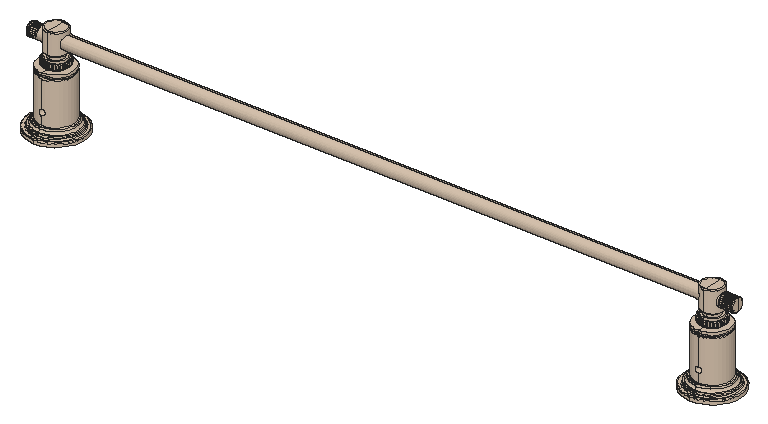
Revit family "Accessory-Towel_Bar-KALLISTA-Central_Park_West-P31425", category Specialty Equipment, host Face, Revit 2021
Parameters (values of type "BAF-Brushed French Gold")
  Width = (locked) 86.023 mm
  WaterSense Certified = 1 = 0  # no
  URL = "https://www.kallista.com/"
  Type = 1
  Product Page URL = "https://www.kallista.com/bathroom/accessories/towel-bars/central-park-west-towel-bar-24-p31425-00-baf"
  Product Name = (locked) "Central Park West"
  Product Documentation Link = "https://resources.kohler.com/interiors/kallista/pdf/1377361-4.pdf"
  Model = if(Type = 1, "P31425-00-BAF", if(Type = 2, "P31425-00-BN", if(Type = 3, "P31425-00-BV", if(Type = 4, "P31425-00-CP", if(Type = 5, "P31425-00-SN", if(Type = 6, "P31425-00-ULB", "NA"))))))  # "P31425-00-BAF"
  Material = (locked) "Premium Metal Construction"
  Master Format 2014 Name = (locked) "Toilet, Bath, and Laundry Accessories"
  Master Format 2014 = (locked) "10 28 00"
  Manufacturer Address = (locked) "444 Highland Dr, Kohler, WI 53044"
  Manufacturer = (locked) "Kallista Co."
  Length = (locked) 661.69 mm
  Height = (locked) 52.09 mm
  Finish = Kallista-Metal-BAF-Brushed_French_Gold
  Description = (locked) "TOWEL BAR, 24inch"
  Date Modified = (locked) "10/18/2022"
  Date Created = (locked) "10/18/2022"
  Copyright = (locked) "Copyright Kallista Co."
  Contact Us = "https://www.kallista.com/corporate/contact-us/"
  Assembly Code = "C1030200"
  ADA Compliant = 1 = 0  # no
Types (7, lengths in mm): name | Type | Finish
  (no name) | 1 | Kallista-Metal-BAF-Brushed_French_Gold
  BAF-Brushed French Gold | 1 | Kallista-Metal-BAF-Brushed_French_Gold
  BN-Brushed Nickel | 2 | Kallista-Metal-BN-Brushed_Nickel
  BV-Brushed Bronze | 3 | Kallista-Metal-BV-Brushed_Bronze
  CP-Chrome | 4 | Kallista-Metal-CP-Chrome
  SN-Polished Nickel | 5 | Kallista-Metal-SN-Polished_Nickel
  ULB-Unlaquered Brass | 6 | Kallista-Metal-ULB-Unlaquered_Brass
Reference planes
  plane 1 "Center (Front/Back)": y = 0
  plane 2: z = 0
  plane 3 "Center (Left/Right)": x = 0
  plane 4: y = 26.05
  plane 5: x = -330.85
  plane 6: y = -6
  plane 7: y = 6
  plane 8: y = -26.04
  plane 9: x = 330.85
  plane 10: x = -304.8
  plane 11: x = 304.8
  plane 12: x = 304.8
  plane 13: x = 304.8
  plane 14: x = 304.8
  plane 15: x = -304.8
  plane 16: x = 278.74
  plane 17: x = 330.84
  plane 18: x = -278.75
  plane 19: z = 0
  plane 20: z = 76.222
  plane 21: z = 86.023
  plane 22: z = 70.222
  plane 23: z = 82.222
  plane 24: z = 55.9
Dimensions and locks
  locked: plane 10 to plane 12 at 609.6
  locked: plane 7 to plane 6 at 12
  locked: plane 16 to plane 17 at 52.1
  locked: plane 5 to plane 18 at 52.1
  "Length": plane 5 to plane 17
  locked: plane 18 to plane 14 at 583.55
  "Height": plane 4 to plane 8
  "Width": plane 21 to level
Nested families
  nested 1: "P31425" at (0, 0, -0.1)
Definition of nested family "P31425"
  Parameters (values of type "P31425")
    Material = none
  Reference planes
    plane 1 "Center (Front/Back)": y = 0
    plane 2: z = 0.1
    plane 3 "Center (Left/Right)": x = 0
    plane 4: z = 86.1
    plane 5 "B": x = -304.8
    plane 6 "E": x = 304.8
    plane 7: z = 76.322
    plane 8: y = -26.05
    plane 9: y = 26.05
    plane 10: z = 82.322
    plane 11: z = 70.322
    plane 12 "A": x = -330.85
    plane 13: x = 330.85
    plane 14: x = -278.75
    plane 15: x = 278.75
    plane 16 "D": z = 56
    plane 17: y = 6
    plane 18: y = -6
    plane 19 "G": x = 327.916
    plane 20 "H": x = -327.916
    plane 21: z = 0
    plane 22: z = 0.1
  Forms (mm)
    Revolve 1, solid, material <- "Material", detail levels medium+fine
      sketch origin (-304.8, 0, 0) x (0, -1, 0) y (0, 0, 1)
        loop
          line (-26.05, 0.1) -> (0, 0.1) -> (0, 86.1) -> (-9.218, 86.1)
          arc (-9.218, 86.1) -> (-9.686, 85.906) -> (-9.88, 85.438) r 0.662
          line (-9.88, 85.438) -> (-9.88, 66.88) -> (-8.558, 66.88) -> (-8.558, 65.381) -> (-7.074, 65.381) -> (-7.074, 62.131) -> (-9.589, 62.131) -> (-9.589, 60.606) -> (-11.23, 60.606)
          arc (-11.23, 60.606) -> (-11.586, 60.459) -> (-11.734, 60.103) r 0.503
          line (-11.734, 60.103) -> (-11.734, 56.546)
          arc (-11.734, 56.546) -> (-11.584, 56.184) -> (-11.222, 56.034) r 0.512
          line (-11.222, 56.034) -> (-9.591, 56.034) -> (-9.591, 54.513) -> (-16.135, 54.513) -> (-16.135, 52.049)
          arc (-16.135, 52.049) -> (-16.046, 51.625) -> (-15.794, 51.272) r 1.056
          arc (-15.794, 51.272) -> (-15.622, 50.871) -> (-15.808, 50.476) r 0.532
          arc (-15.808, 50.476) -> (-16.05, 50.156) -> (-16.135, 49.764) r 0.938
          line (-16.135, 49.764) -> (-16.135, 10.873)
          arc (-16.135, 10.873) -> (-16.373, 10.3) -> (-16.946, 10.062) r 0.811
          line (-16.946, 10.062) -> (-18.23, 10.062)
          arc (-18.23, 10.062) -> (-18.623, 9.902) -> (-18.792, 9.513) r 0.563
          arc (-18.792, 9.513) -> (-19.161, 7.927) -> (-20.134, 6.622) r 3.983
          arc (-20.134, 6.622) -> (-20.725, 6.216) -> (-21.397, 5.965) r 2.933
          arc (-21.397, 5.965) -> (-21.733, 5.75) -> (-21.864, 5.372) r 0.609
          line (-21.864, 5.372) -> (-21.864, 4.471)
          arc (-21.864, 4.471) -> (-22.101, 3.898) -> (-22.674, 3.661) r 0.81
          line (-22.674, 3.661) -> (-25.531, 3.661)
          arc (-25.531, 3.661) -> (-25.898, 3.509) -> (-26.05, 3.142) r 0.519
          line (-26.05, 3.142) -> (-26.05, 0.1)
        axis (0, 86.1) -> (0, 0.1)
      angle from 0 to 360
    Revolve 2, solid, material <- "Material", detail levels medium+fine
      sketch origin (0, 0, 0) x (1, 0, 0) y (0, 0, 1)
        loop
          line (-327.906, 76.4) -> (327.916, 76.4) -> (327.916, 81.825)
          arc (327.916, 81.825) -> (327.748, 82.231) -> (327.341, 82.4) r 0.575
          line (327.341, 82.4) -> (-327.31, 82.4)
          arc (-327.31, 82.4) -> (-327.732, 82.225) -> (-327.906, 81.804) r 0.596
          line (-327.906, 81.804) -> (-327.906, 76.4)
        axis (327.916, 76.4) -> (-327.906, 76.4)
      angle from 0 to 360
    Extrusion 3, void
      sketch origin (-4.631, 52.928, 56) x (-0.984808, -0.173648, 0) y (0.173648, -0.984808, 0)
        loop
          arc (304.076, -11.712) -> (303.625, -11.134) -> (303.065, -11.607) r 0.508
          line (303.065, -11.607) -> (302.962, -13.187) -> (304.172, -13.187) -> (304.076, -11.712)
      from -0.926 to 14.284
    Extrusion 4, void
      sketch origin (-18.382, 104.248, 56) x (-0.939693, -0.34202, 0) y (0.34202, -0.939693, 0)
        loop
          arc (304.076, -11.712) -> (303.625, -11.134) -> (303.065, -11.607) r 0.508
          line (303.065, -11.607) -> (302.962, -13.187) -> (304.172, -13.187) -> (304.076, -11.712)
      from -0.926 to 14.284
    Extrusion 5, void
      sketch origin (-40.835, 152.4, 56) x (-0.866025, -0.5, 0) y (0.5, -0.866025, 0)
        loop
          arc (304.076, -11.712) -> (303.625, -11.134) -> (303.065, -11.607) r 0.508
          line (303.065, -11.607) -> (302.962, -13.187) -> (304.172, -13.187) -> (304.076, -11.712)
      from -0.926 to 14.284
    Extrusion 6, void
      sketch origin (-71.31, 195.922, 56) x (-0.766044, -0.642788, 0) y (0.642788, -0.766044, 0)
        loop
          arc (304.076, -11.712) -> (303.625, -11.134) -> (303.065, -11.607) r 0.508
          line (303.065, -11.607) -> (302.962, -13.187) -> (304.172, -13.187) -> (304.076, -11.712)
      from -0.926 to 14.284
    Extrusion 7, void
      sketch origin (-108.878, 233.49, 56) x (-0.642788, -0.766044, 0) y (0.766044, -0.642788, 0)
        loop
          arc (304.076, -11.712) -> (303.625, -11.134) -> (303.065, -11.607) r 0.508
          line (303.065, -11.607) -> (302.962, -13.187) -> (304.172, -13.187) -> (304.076, -11.712)
      from -0.926 to 14.284
    Extrusion 8, void
      sketch origin (-152.4, 263.965, 56) x (-0.5, -0.866025, 0) y (0.866025, -0.5, 0)
        loop
          arc (304.076, -11.712) -> (303.625, -11.134) -> (303.065, -11.607) r 0.508
          line (303.065, -11.607) -> (302.962, -13.187) -> (304.172, -13.187) -> (304.076, -11.712)
      from -0.926 to 14.284
    Extrusion 9, void
      sketch origin (-200.552, 286.418, 56) x (-0.34202, -0.939693, 0) y (0.939693, -0.34202, 0)
        loop
          arc (304.076, -11.712) -> (303.625, -11.134) -> (303.065, -11.607) r 0.508
          line (303.065, -11.607) -> (302.962, -13.187) -> (304.172, -13.187) -> (304.076, -11.712)
      from -0.926 to 14.284
    Extrusion 10, void
      sketch origin (-251.872, 300.169, 56) x (-0.173648, -0.984808, 0) y (0.984808, -0.173648, 0)
        loop
          arc (304.076, -11.712) -> (303.625, -11.134) -> (303.065, -11.607) r 0.508
          line (303.065, -11.607) -> (302.962, -13.187) -> (304.172, -13.187) -> (304.076, -11.712)
      from -0.926 to 14.284
    Extrusion 11, void
      sketch origin (-4.631, -52.928, 56) x (-0.984808, 0.173648, 0) y (-0.173648, -0.984808, 0)
        loop
          line (304.076, 11.712) -> (304.172, 13.187) -> (302.962, 13.187) -> (303.065, 11.607)
          arc (303.065, 11.607) -> (303.625, 11.134) -> (304.076, 11.712) r 0.508
      from -0.926 to 14.284
    Extrusion 12, void
      sketch origin (-18.382, -104.248, 56) x (-0.939693, 0.34202, 0) y (-0.34202, -0.939693, 0)
        loop
          line (304.076, 11.712) -> (304.172, 13.187) -> (302.962, 13.187) -> (303.065, 11.607)
          arc (303.065, 11.607) -> (303.625, 11.134) -> (304.076, 11.712) r 0.508
      from -0.926 to 14.284
    Extrusion 13, void
      sketch origin (-40.835, -152.4, 56) x (-0.866025, 0.5, 0) y (-0.5, -0.866025, 0)
        loop
          line (304.076, 11.712) -> (304.172, 13.187) -> (302.962, 13.187) -> (303.065, 11.607)
          arc (303.065, 11.607) -> (303.625, 11.134) -> (304.076, 11.712) r 0.508
      from -0.926 to 14.284
    Extrusion 14, void
      sketch origin (-71.31, -195.922, 56) x (-0.766044, 0.642788, 0) y (-0.642788, -0.766044, 0)
        loop
          line (304.076, 11.712) -> (304.172, 13.187) -> (302.962, 13.187) -> (303.065, 11.607)
          arc (303.065, 11.607) -> (303.625, 11.134) -> (304.076, 11.712) r 0.508
      from -0.926 to 14.284
    Extrusion 15, void
      sketch origin (-108.878, -233.49, 56) x (-0.642788, 0.766044, 0) y (-0.766044, -0.642788, 0)
        loop
          line (304.076, 11.712) -> (304.172, 13.187) -> (302.962, 13.187) -> (303.065, 11.607)
          arc (303.065, 11.607) -> (303.625, 11.134) -> (304.076, 11.712) r 0.508
      from -0.926 to 14.284
    Extrusion 16, void
      sketch origin (-152.4, -263.965, 56) x (-0.5, 0.866025, 0) y (-0.866025, -0.5, 0)
        loop
          line (304.076, 11.712) -> (304.172, 13.187) -> (302.962, 13.187) -> (303.065, 11.607)
          arc (303.065, 11.607) -> (303.625, 11.134) -> (304.076, 11.712) r 0.508
      from -0.926 to 14.284
    Extrusion 17, void
      sketch origin (-200.552, -286.418, 56) x (-0.34202, 0.939693, 0) y (-0.939693, -0.34202, 0)
        loop
          line (304.076, 11.712) -> (304.172, 13.187) -> (302.962, 13.187) -> (303.065, 11.607)
          arc (303.065, 11.607) -> (303.625, 11.134) -> (304.076, 11.712) r 0.508
      from -0.926 to 14.284
    Extrusion 18, void
      sketch origin (-251.872, -300.169, 56) x (-0.173648, 0.984808, 0) y (-0.984808, -0.173648, 0)
        loop
          line (304.076, 11.712) -> (304.172, 13.187) -> (302.962, 13.187) -> (303.065, 11.607)
          arc (303.065, 11.607) -> (303.625, 11.134) -> (304.076, 11.712) r 0.508
      from -0.926 to 14.284
    Extrusion 19, void
      sketch origin (-304.8, -304.8, 56) x (0, 1, 0) y (-1, 0, 0)
        loop
          line (304.076, 11.712) -> (304.172, 13.187) -> (302.962, 13.187) -> (303.065, 11.607)
          arc (303.065, 11.607) -> (303.625, 11.134) -> (304.076, 11.712) r 0.508
      from -0.926 to 14.284
    Extrusion 20, void
      sketch origin (-357.728, -300.169, 56) x (0.173648, 0.984808, 0) y (-0.984808, 0.173648, 0)
        loop
          line (304.076, 11.712) -> (304.172, 13.187) -> (302.962, 13.187) -> (303.065, 11.607)
          arc (303.065, 11.607) -> (303.625, 11.134) -> (304.076, 11.712) r 0.508
      from -0.926 to 14.284
    Extrusion 21, void
      sketch origin (-604.969, 52.928, 56) x (0.984808, -0.173648, 0) y (0.173648, 0.984808, 0)
        loop
          line (304.076, 11.712) -> (304.172, 13.187) -> (302.962, 13.187) -> (303.065, 11.607)
          arc (303.065, 11.607) -> (303.625, 11.134) -> (304.076, 11.712) r 0.508
      from -0.926 to 14.284
    Extrusion 22, void
      sketch origin (-591.218, 104.248, 56) x (0.939693, -0.34202, 0) y (0.34202, 0.939693, 0)
        loop
          line (304.076, 11.712) -> (304.172, 13.187) -> (302.962, 13.187) -> (303.065, 11.607)
          arc (303.065, 11.607) -> (303.625, 11.134) -> (304.076, 11.712) r 0.508
      from -0.926 to 14.284
    Extrusion 23, void
      sketch origin (-568.765, 152.4, 56) x (0.866025, -0.5, 0) y (0.5, 0.866025, 0)
        loop
          line (304.076, 11.712) -> (304.172, 13.187) -> (302.962, 13.187) -> (303.065, 11.607)
          arc (303.065, 11.607) -> (303.625, 11.134) -> (304.076, 11.712) r 0.508
      from -0.926 to 14.284
    Extrusion 24, void
      sketch origin (-538.29, 195.922, 56) x (0.766044, -0.642788, 0) y (0.642788, 0.766044, 0)
        loop
          line (304.076, 11.712) -> (304.172, 13.187) -> (302.962, 13.187) -> (303.065, 11.607)
          arc (303.065, 11.607) -> (303.625, 11.134) -> (304.076, 11.712) r 0.508
      from -0.926 to 14.284
    Extrusion 25, void
      sketch origin (-500.722, 233.49, 56) x (0.642788, -0.766044, 0) y (0.766044, 0.642788, 0)
        loop
          line (304.076, 11.712) -> (304.172, 13.187) -> (302.962, 13.187) -> (303.065, 11.607)
          arc (303.065, 11.607) -> (303.625, 11.134) -> (304.076, 11.712) r 0.508
      from -0.926 to 14.284
    Extrusion 26, void
      sketch origin (-457.2, 263.965, 56) x (0.5, -0.866025, 0) y (0.866025, 0.5, 0)
        loop
          line (304.076, 11.712) -> (304.172, 13.187) -> (302.962, 13.187) -> (303.065, 11.607)
          arc (303.065, 11.607) -> (303.625, 11.134) -> (304.076, 11.712) r 0.508
      from -0.926 to 14.284
    Extrusion 27, void
      sketch origin (-409.048, 286.418, 56) x (0.34202, -0.939693, 0) y (0.939693, 0.34202, 0)
        loop
          line (304.076, 11.712) -> (304.172, 13.187) -> (302.962, 13.187) -> (303.065, 11.607)
          arc (303.065, 11.607) -> (303.625, 11.134) -> (304.076, 11.712) r 0.508
      from -0.926 to 14.284
    Extrusion 28, void
      sketch origin (-357.728, 300.169, 56) x (0.173648, -0.984808, 0) y (0.984808, 0.173648, 0)
        loop
          line (304.076, 11.712) -> (304.172, 13.187) -> (302.962, 13.187) -> (303.065, 11.607)
          arc (303.065, 11.607) -> (303.625, 11.134) -> (304.076, 11.712) r 0.508
      from -0.926 to 14.284
    Extrusion 29, void
      sketch origin (-604.969, -52.928, 56) x (0.984808, 0.173648, 0) y (-0.173648, 0.984808, 0)
        loop
          arc (304.076, -11.712) -> (303.625, -11.134) -> (303.065, -11.607) r 0.508
          line (303.065, -11.607) -> (302.962, -13.187) -> (304.172, -13.187) -> (304.076, -11.712)
      from -0.926 to 14.284
    Extrusion 30, void
      sketch origin (-591.218, -104.248, 56) x (0.939693, 0.34202, 0) y (-0.34202, 0.939693, 0)
        loop
          arc (304.076, -11.712) -> (303.625, -11.134) -> (303.065, -11.607) r 0.508
          line (303.065, -11.607) -> (302.962, -13.187) -> (304.172, -13.187) -> (304.076, -11.712)
      from -0.926 to 14.284
    Extrusion 31, void
      sketch origin (-568.765, -152.4, 56) x (0.866025, 0.5, 0) y (-0.5, 0.866025, 0)
        loop
          arc (304.076, -11.712) -> (303.625, -11.134) -> (303.065, -11.607) r 0.508
          line (303.065, -11.607) -> (302.962, -13.187) -> (304.172, -13.187) -> (304.076, -11.712)
      from -0.926 to 14.284
    Extrusion 32, void
      sketch origin (-538.29, -195.922, 56) x (0.766044, 0.642788, 0) y (-0.642788, 0.766044, 0)
        loop
          arc (304.076, -11.712) -> (303.625, -11.134) -> (303.065, -11.607) r 0.508
          line (303.065, -11.607) -> (302.962, -13.187) -> (304.172, -13.187) -> (304.076, -11.712)
      from -0.926 to 14.284
    Extrusion 33, void
      sketch origin (-500.722, -233.49, 56) x (0.642788, 0.766044, 0) y (-0.766044, 0.642788, 0)
        loop
          arc (304.076, -11.712) -> (303.625, -11.134) -> (303.065, -11.607) r 0.508
          line (303.065, -11.607) -> (302.962, -13.187) -> (304.172, -13.187) -> (304.076, -11.712)
      from -0.926 to 14.284
    Extrusion 34, void
      sketch origin (-457.2, -263.965, 56) x (0.5, 0.866025, 0) y (-0.866025, 0.5, 0)
        loop
          arc (304.076, -11.712) -> (303.625, -11.134) -> (303.065, -11.607) r 0.508
          line (303.065, -11.607) -> (302.962, -13.187) -> (304.172, -13.187) -> (304.076, -11.712)
      from -0.926 to 14.284
    Extrusion 35, void
      sketch origin (-409.048, -286.418, 56) x (0.34202, 0.939693, 0) y (-0.939693, 0.34202, 0)
        loop
          arc (304.076, -11.712) -> (303.625, -11.134) -> (303.065, -11.607) r 0.508
          line (303.065, -11.607) -> (302.962, -13.187) -> (304.172, -13.187) -> (304.076, -11.712)
      from -0.926 to 14.284
    Extrusion 36, void
      sketch origin (-357.728, -300.169, 56) x (0.173648, 0.984808, 0) y (-0.984808, 0.173648, 0)
        loop
          arc (304.076, -11.712) -> (303.625, -11.134) -> (303.065, -11.607) r 0.508
          line (303.065, -11.607) -> (302.962, -13.187) -> (304.172, -13.187) -> (304.076, -11.712)
      from -0.926 to 14.284
    Extrusion 37, void
      sketch origin (-304.8, -304.8, 56) x (0, 1, 0) y (-1, 0, 0)
        loop
          arc (304.076, -11.712) -> (303.625, -11.134) -> (303.065, -11.607) r 0.508
          line (303.065, -11.607) -> (302.962, -13.187) -> (304.172, -13.187) -> (304.076, -11.712)
      from -0.926 to 14.284
    Extrusion 38, void
      sketch origin (-251.872, -300.169, 56) x (-0.173648, 0.984808, 0) y (-0.984808, -0.173648, 0)
        loop
          arc (304.076, -11.712) -> (303.625, -11.134) -> (303.065, -11.607) r 0.508
          line (303.065, -11.607) -> (302.962, -13.187) -> (304.172, -13.187) -> (304.076, -11.712)
      from -0.926 to 14.284
    Revolve 39, solid, material <- "Material", detail levels medium+fine
      sketch origin (304.8, 0, 0) x (0, -1, 0) y (0, 0, -1)
        loop
          line (-26.05, -0.1) -> (-26.05, -3.142)
          arc (-26.05, -3.142) -> (-25.898, -3.509) -> (-25.531, -3.661) r 0.519
          line (-25.531, -3.661) -> (-22.674, -3.661)
          arc (-22.674, -3.661) -> (-22.101, -3.898) -> (-21.864, -4.471) r 0.81
          line (-21.864, -4.471) -> (-21.864, -5.372)
          arc (-21.864, -5.372) -> (-21.733, -5.75) -> (-21.397, -5.965) r 0.609
          arc (-21.397, -5.965) -> (-20.725, -6.216) -> (-20.134, -6.622) r 2.933
          arc (-20.134, -6.622) -> (-19.161, -7.927) -> (-18.792, -9.513) r 3.983
          arc (-18.792, -9.513) -> (-18.623, -9.902) -> (-18.23, -10.062) r 0.563
          line (-18.23, -10.062) -> (-16.946, -10.062)
          arc (-16.946, -10.062) -> (-16.373, -10.3) -> (-16.135, -10.873) r 0.811
          line (-16.135, -10.873) -> (-16.135, -49.764)
          arc (-16.135, -49.764) -> (-16.05, -50.156) -> (-15.808, -50.476) r 0.938
          arc (-15.808, -50.476) -> (-15.622, -50.871) -> (-15.794, -51.272) r 0.532
          arc (-15.794, -51.272) -> (-16.046, -51.625) -> (-16.135, -52.049) r 1.056
          line (-16.135, -52.049) -> (-16.135, -54.513) -> (-9.591, -54.513) -> (-9.591, -56.034) -> (-11.222, -56.034)
          arc (-11.222, -56.034) -> (-11.584, -56.184) -> (-11.734, -56.546) r 0.512
          line (-11.734, -56.546) -> (-11.734, -60.103)
          arc (-11.734, -60.103) -> (-11.586, -60.459) -> (-11.23, -60.606) r 0.503
          line (-11.23, -60.606) -> (-9.589, -60.606) -> (-9.589, -62.131) -> (-7.074, -62.131) -> (-7.074, -65.381) -> (-8.558, -65.381) -> (-8.558, -66.88) -> (-9.88, -66.88) -> (-9.88, -85.438)
          arc (-9.88, -85.438) -> (-9.686, -85.906) -> (-9.218, -86.1) r 0.662
          line (-9.218, -86.1) -> (0, -86.1) -> (0, -0.1) -> (-26.05, -0.1)
        axis (0, -86.1) -> (0, -0.1)
      angle from 0 to 360
    Extrusion 40, void
      sketch origin (0, 0, 56) x (-1, 0, 0) y (0, -1, 0)
        loop
          arc (-306.52, 11.659) -> (-305.976, 11.169) -> (-305.507, 11.732) r 0.508
          line (-305.507, 11.732) -> (-305.68, 13.306) -> (-306.871, 13.096) -> (-306.52, 11.659)
      from 0 to 23.144
    Extrusion 41, void
      sketch origin (4.631, -52.928, 56) x (-0.984808, -0.173648, 0) y (0.173648, -0.984808, 0)
        loop
          arc (-306.52, 11.659) -> (-305.976, 11.169) -> (-305.507, 11.732) r 0.508
          line (-305.507, 11.732) -> (-305.68, 13.306) -> (-306.871, 13.096) -> (-306.52, 11.659)
      from 0 to 15.214
    Extrusion 42, void
      sketch origin (18.382, -104.248, 56) x (-0.939693, -0.34202, 0) y (0.34202, -0.939693, 0)
        loop
          arc (-306.52, 11.659) -> (-305.976, 11.169) -> (-305.507, 11.732) r 0.508
          line (-305.507, 11.732) -> (-305.68, 13.306) -> (-306.871, 13.096) -> (-306.52, 11.659)
      from 0 to 14.284
    Extrusion 43, void
      sketch origin (40.835, -152.4, 56) x (-0.866025, -0.5, 0) y (0.5, -0.866025, 0)
        loop
          arc (-306.52, 11.659) -> (-305.976, 11.169) -> (-305.507, 11.732) r 0.508
          line (-305.507, 11.732) -> (-305.68, 13.306) -> (-306.871, 13.096) -> (-306.52, 11.659)
      from 0 to 14.284
    Extrusion 44, void
      sketch origin (71.31, -195.922, 56) x (-0.766044, -0.642788, 0) y (0.642788, -0.766044, 0)
        loop
          arc (-306.52, 11.659) -> (-305.976, 11.169) -> (-305.507, 11.732) r 0.508
          line (-305.507, 11.732) -> (-305.68, 13.306) -> (-306.871, 13.096) -> (-306.52, 11.659)
      from 0 to 14.284
    Extrusion 45, void
      sketch origin (108.878, -233.49, 56) x (-0.642788, -0.766044, 0) y (0.766044, -0.642788, 0)
        loop
          arc (-306.52, 11.659) -> (-305.976, 11.169) -> (-305.507, 11.732) r 0.508
          line (-305.507, 11.732) -> (-305.68, 13.306) -> (-306.871, 13.096) -> (-306.52, 11.659)
      from 0 to 15.214
    Extrusion 46, void
      sketch origin (152.4, -263.965, 56) x (-0.5, -0.866025, 0) y (0.866025, -0.5, 0)
        loop
          arc (-306.52, 11.659) -> (-305.976, 11.169) -> (-305.507, 11.732) r 0.508
          line (-305.507, 11.732) -> (-305.68, 13.306) -> (-306.871, 13.096) -> (-306.52, 11.659)
      from 0 to 30.912
    Extrusion 47, void
      sketch origin (200.552, -286.418, 56) x (-0.34202, -0.939693, 0) y (0.939693, -0.34202, 0)
        loop
          arc (-306.52, 11.659) -> (-305.976, 11.169) -> (-305.507, 11.732) r 0.508
          line (-305.507, 11.732) -> (-305.68, 13.306) -> (-306.871, 13.096) -> (-306.52, 11.659)
      from 0 to 10.88
    Extrusion 48, void
      sketch origin (357.728, -300.169, 56) x (0.173648, -0.984808, 0) y (0.984808, 0.173648, 0)
        loop
          arc (-306.52, 11.659) -> (-305.976, 11.169) -> (-305.507, 11.732) r 0.508
          line (-305.507, 11.732) -> (-305.68, 13.306) -> (-306.871, 13.096) -> (-306.52, 11.659)
      from 0 to 30.912
    Extrusion 49, void
      sketch origin (409.048, -286.418, 56) x (0.34202, -0.939693, 0) y (0.939693, 0.34202, 0)
        loop
          arc (-306.52, 11.659) -> (-305.976, 11.169) -> (-305.507, 11.732) r 0.508
          line (-305.507, 11.732) -> (-305.68, 13.306) -> (-306.871, 13.096) -> (-306.52, 11.659)
      from 0 to 30.912
    Extrusion 50, void
      sketch origin (457.2, -263.965, 56) x (0.5, -0.866025, 0) y (0.866025, 0.5, 0)
        loop
          arc (-306.52, 11.659) -> (-305.976, 11.169) -> (-305.507, 11.732) r 0.508
          line (-305.507, 11.732) -> (-305.68, 13.306) -> (-306.871, 13.096) -> (-306.52, 11.659)
      from 0 to 10.88
    Extrusion 51, void
      sketch origin (500.722, -233.49, 56) x (0.642788, -0.766044, 0) y (0.766044, 0.642788, 0)
        loop
          arc (-306.52, 11.659) -> (-305.976, 11.169) -> (-305.507, 11.732) r 0.508
          line (-305.507, 11.732) -> (-305.68, 13.306) -> (-306.871, 13.096) -> (-306.52, 11.659)
      from 0 to 10.88
    Extrusion 52, void
      sketch origin (251.872, -300.169, 56) x (-0.173648, -0.984808, 0) y (0.984808, -0.173648, 0)
        loop
          arc (-306.52, 11.659) -> (-305.976, 11.169) -> (-305.507, 11.732) r 0.508
          line (-305.507, 11.732) -> (-305.68, 13.306) -> (-306.871, 13.096) -> (-306.52, 11.659)
      from 0 to 30.912
    Extrusion 53, void
      sketch origin (304.8, -304.8, 56) x (0, -1, 0) y (1, 0, 0)
        loop
          arc (-306.52, 11.659) -> (-305.976, 11.169) -> (-305.507, 11.732) r 0.508
          line (-305.507, 11.732) -> (-305.68, 13.306) -> (-306.871, 13.096) -> (-306.52, 11.659)
      from 0 to 10.88
    Extrusion 54, void
      sketch origin (538.29, -195.922, 56) x (0.766044, -0.642788, 0) y (0.642788, 0.766044, 0)
        loop
          arc (-306.52, 11.659) -> (-305.976, 11.169) -> (-305.507, 11.732) r 0.508
          line (-305.507, 11.732) -> (-305.68, 13.306) -> (-306.871, 13.096) -> (-306.52, 11.659)
      from 0 to 30.912
    Extrusion 55, void
      sketch origin (568.765, -152.4, 56) x (0.866025, -0.5, 0) y (0.5, 0.866025, 0)
        loop
          arc (-306.52, 11.659) -> (-305.976, 11.169) -> (-305.507, 11.732) r 0.508
          line (-305.507, 11.732) -> (-305.68, 13.306) -> (-306.871, 13.096) -> (-306.52, 11.659)
      from 0 to 30.912
    Extrusion 56, void
      sketch origin (591.218, -104.248, 56) x (0.939693, -0.34202, 0) y (0.34202, 0.939693, 0)
        loop
          arc (-306.52, 11.659) -> (-305.976, 11.169) -> (-305.507, 11.732) r 0.508
          line (-305.507, 11.732) -> (-305.68, 13.306) -> (-306.871, 13.096) -> (-306.52, 11.659)
      from 0 to 30.912
    Extrusion 57, void
      sketch origin (604.969, -52.928, 56) x (0.984808, -0.173648, 0) y (0.173648, 0.984808, 0)
        loop
          arc (-306.52, 11.659) -> (-305.976, 11.169) -> (-305.507, 11.732) r 0.508
          line (-305.507, 11.732) -> (-305.68, 13.306) -> (-306.871, 13.096) -> (-306.52, 11.659)
      from 0 to 30.912
    Extrusion 58, void
      sketch origin (609.6, 0, 56) x (1, 0, 0) y (0, 1, 0)
        loop
          line (-306.52, -11.659) -> (-306.871, -13.096) -> (-305.68, -13.306) -> (-305.507, -11.732)
          arc (-305.507, -11.732) -> (-305.976, -11.169) -> (-306.52, -11.659) r 0.508
      from 0 to 23.144
    Extrusion 59, void
      sketch origin (604.969, -52.928, 56) x (0.984808, -0.173648, 0) y (0.173648, 0.984808, 0)
        loop
          line (-306.52, -11.659) -> (-306.871, -13.096) -> (-305.68, -13.306) -> (-305.507, -11.732)
          arc (-305.507, -11.732) -> (-305.976, -11.169) -> (-306.52, -11.659) r 0.508
      from 0 to 23.144
    Extrusion 60, void
      sketch origin (591.218, -104.248, 56) x (0.939693, -0.34202, 0) y (0.34202, 0.939693, 0)
        loop
          line (-306.52, -11.659) -> (-306.871, -13.096) -> (-305.68, -13.306) -> (-305.507, -11.732)
          arc (-305.507, -11.732) -> (-305.976, -11.169) -> (-306.52, -11.659) r 0.508
      from 0 to 23.144
    Extrusion 61, void
      sketch origin (568.765, -152.4, 56) x (0.866025, -0.5, 0) y (0.5, 0.866025, 0)
        loop
          line (-306.52, -11.659) -> (-306.871, -13.096) -> (-305.68, -13.306) -> (-305.507, -11.732)
          arc (-305.507, -11.732) -> (-305.976, -11.169) -> (-306.52, -11.659) r 0.508
      from 0 to 23.144
    Extrusion 62, void
      sketch origin (538.29, -195.922, 56) x (0.766044, -0.642788, 0) y (0.642788, 0.766044, 0)
        loop
          line (-306.52, -11.659) -> (-306.871, -13.096) -> (-305.68, -13.306) -> (-305.507, -11.732)
          arc (-305.507, -11.732) -> (-305.976, -11.169) -> (-306.52, -11.659) r 0.508
      from 0 to 14.284
    Extrusion 63, void
      sketch origin (500.722, -233.49, 56) x (0.642788, -0.766044, 0) y (0.766044, 0.642788, 0)
        loop
          line (-306.52, -11.659) -> (-306.871, -13.096) -> (-305.68, -13.306) -> (-305.507, -11.732)
          arc (-305.507, -11.732) -> (-305.976, -11.169) -> (-306.52, -11.659) r 0.508
      from 0 to 23.144
    Extrusion 64, void
      sketch origin (152.4, -263.965, 56) x (-0.5, -0.866025, 0) y (0.866025, -0.5, 0)
        loop
          line (-306.52, -11.659) -> (-306.871, -13.096) -> (-305.68, -13.306) -> (-305.507, -11.732)
          arc (-305.507, -11.732) -> (-305.976, -11.169) -> (-306.52, -11.659) r 0.508
      from 0 to 15.214
    Extrusion 65, void
      sketch origin (108.878, -233.49, 56) x (-0.642788, -0.766044, 0) y (0.766044, -0.642788, 0)
        loop
          line (-306.52, -11.659) -> (-306.871, -13.096) -> (-305.68, -13.306) -> (-305.507, -11.732)
          arc (-305.507, -11.732) -> (-305.976, -11.169) -> (-306.52, -11.659) r 0.508
      from 0 to 10.88
    Extrusion 66, void
      sketch origin (71.31, -195.922, 56) x (-0.766044, -0.642788, 0) y (0.642788, -0.766044, 0)
        loop
          line (-306.52, -11.659) -> (-306.871, -13.096) -> (-305.68, -13.306) -> (-305.507, -11.732)
          arc (-305.507, -11.732) -> (-305.976, -11.169) -> (-306.52, -11.659) r 0.508
      from 0 to 30.912
    Extrusion 67, void
      sketch origin (40.835, -152.4, 56) x (-0.866025, -0.5, 0) y (0.5, -0.866025, 0)
        loop
          line (-306.52, -11.659) -> (-306.871, -13.096) -> (-305.68, -13.306) -> (-305.507, -11.732)
          arc (-305.507, -11.732) -> (-305.976, -11.169) -> (-306.52, -11.659) r 0.508
      from 0 to 14.284
    Extrusion 68, void
      sketch origin (18.382, -104.248, 56) x (-0.939693, -0.34202, 0) y (0.34202, -0.939693, 0)
        loop
          line (-306.52, -11.659) -> (-306.871, -13.096) -> (-305.68, -13.306) -> (-305.507, -11.732)
          arc (-305.507, -11.732) -> (-305.976, -11.169) -> (-306.52, -11.659) r 0.508
      from 0 to 23.144
    Extrusion 69, void
      sketch origin (4.631, -52.928, 56) x (-0.984808, -0.173648, 0) y (0.173648, -0.984808, 0)
        loop
          line (-306.52, -11.659) -> (-306.871, -13.096) -> (-305.68, -13.306) -> (-305.507, -11.732)
          arc (-305.507, -11.732) -> (-305.976, -11.169) -> (-306.52, -11.659) r 0.508
      from 0 to 10.88
    Extrusion 70, void
      sketch origin (457.2, -263.965, 56) x (0.5, -0.866025, 0) y (0.866025, 0.5, 0)
        loop
          line (-306.52, -11.659) -> (-306.871, -13.096) -> (-305.68, -13.306) -> (-305.507, -11.732)
          arc (-305.507, -11.732) -> (-305.976, -11.169) -> (-306.52, -11.659) r 0.508
      from 0 to 10.88
    Extrusion 71, void
      sketch origin (409.048, -286.418, 56) x (0.34202, -0.939693, 0) y (0.939693, 0.34202, 0)
        loop
          line (-306.52, -11.659) -> (-306.871, -13.096) -> (-305.68, -13.306) -> (-305.507, -11.732)
          arc (-305.507, -11.732) -> (-305.976, -11.169) -> (-306.52, -11.659) r 0.508
      from 0 to 10.88
    Extrusion 72, void
      sketch origin (251.872, -300.169, 56) x (-0.173648, -0.984808, 0) y (0.984808, -0.173648, 0)
        loop
          line (-306.52, -11.659) -> (-306.871, -13.096) -> (-305.68, -13.306) -> (-305.507, -11.732)
          arc (-305.507, -11.732) -> (-305.976, -11.169) -> (-306.52, -11.659) r 0.508
      from 0 to 6.848
    Extrusion 73, void
      sketch origin (200.552, -286.418, 56) x (-0.34202, -0.939693, 0) y (0.939693, -0.34202, 0)
        loop
          line (-306.52, -11.659) -> (-306.871, -13.096) -> (-305.68, -13.306) -> (-305.507, -11.732)
          arc (-305.507, -11.732) -> (-305.976, -11.169) -> (-306.52, -11.659) r 0.508
      from 0 to 15.214
    Extrusion 74, void
      sketch origin (357.728, -300.169, 56) x (0.173648, -0.984808, 0) y (0.984808, 0.173648, 0)
        loop
          line (-306.52, -11.659) -> (-306.871, -13.096) -> (-305.68, -13.306) -> (-305.507, -11.732)
          arc (-305.507, -11.732) -> (-305.976, -11.169) -> (-306.52, -11.659) r 0.508
      from 0 to 10.88
    Extrusion 75, void
      sketch origin (304.8, -304.8, 56) x (0, -1, 0) y (1, 0, 0)
        loop
          line (-306.52, -11.659) -> (-306.871, -13.096) -> (-305.68, -13.306) -> (-305.507, -11.732)
          arc (-305.507, -11.732) -> (-305.976, -11.169) -> (-306.52, -11.659) r 0.508
      from 0 to 10.88
    Revolve 76, void
      sketch origin (304.8, 0, 0) x (0, -1, 0) y (0, 0, 1)
        loop
          line (2.82, 21.363) -> (35.362, 21.363) -> (35.362, 24.22) -> (11.303, 24.22) -> (10.295, 23.717) -> (5.174, 23.717) -> (2.82, 21.363)
        axis (35.362, 21.363) -> (2.82, 21.363)
      angle from 0 to 360
    Revolve 77, void
      sketch origin (-304.8, 0, 0) x (0, -1, 0) y (0, 0, 1)
        loop
          line (2.81, 21.377) -> (19.645, 21.377) -> (19.645, 24.22) -> (11.303, 24.22) -> (10.295, 23.742) -> (5.174, 23.742) -> (2.81, 21.377)
        axis (2.81, 21.377) -> (19.645, 21.377)
      angle from 0 to 360
    Extrusion 78, void
      sketch origin (327.916, 54.023, 22.377) x (0, -0.707107, -0.707107) y (0, -0.707107, 0.707107)
        loop
          line (-3.657, 81.156) -> (-4.315, 82.011) -> (-5.136, 81.38) -> (-4.423, 80.454)
          arc (-4.423, 80.454) -> (-3.657, 80.388) -> (-3.657, 81.156) r 0.521
      from 0 to 12.483
    Extrusion 79, void
      sketch origin (327.916, 66.164, 38.2) x (0, -0.5, -0.866025) y (0, -0.866025, 0.5)
        loop
          line (-3.657, 81.156) -> (-4.315, 82.011) -> (-5.136, 81.38) -> (-4.423, 80.454)
          arc (-4.423, 80.454) -> (-3.657, 80.388) -> (-3.657, 81.156) r 0.521
      from 0 to 12.483
    Extrusion 80, void
      sketch origin (327.916, 73.797, 56.626) x (0, -0.258819, -0.965926) y (0, -0.965926, 0.258819)
        loop
          line (-3.657, 81.156) -> (-4.315, 82.011) -> (-5.136, 81.38) -> (-4.423, 80.454)
          arc (-4.423, 80.454) -> (-3.657, 80.388) -> (-3.657, 81.156) r 0.521
      from 0 to 12.483
    Extrusion 81, void
      sketch origin (327.916, 76.4, 76.4) x (0, 0, -1) y (0, -1, 0)
        loop
          line (-3.657, 81.156) -> (-4.315, 82.011) -> (-5.136, 81.38) -> (-4.423, 80.454)
          arc (-4.423, 80.454) -> (-3.657, 80.388) -> (-3.657, 81.156) r 0.521
      from 0 to 12.483
    Extrusion 82, void
      sketch origin (327.916, 73.797, 96.174) x (0, 0.258819, -0.965926) y (0, -0.965926, -0.258819)
        loop
          line (-3.657, 81.156) -> (-4.315, 82.011) -> (-5.136, 81.38) -> (-4.423, 80.454)
          arc (-4.423, 80.454) -> (-3.657, 80.388) -> (-3.657, 81.156) r 0.521
      from 0 to 12.483
    Extrusion 83, void
      sketch origin (327.916, 66.164, 114.6) x (0, 0.5, -0.866025) y (0, -0.866025, -0.5)
        loop
          line (-3.657, 81.156) -> (-4.315, 82.011) -> (-5.136, 81.38) -> (-4.423, 80.454)
          arc (-4.423, 80.454) -> (-3.657, 80.388) -> (-3.657, 81.156) r 0.521
      from 0 to 12.483
    Extrusion 84, void
      sketch origin (327.916, 54.023, 130.423) x (0, 0.707107, -0.707107) y (0, -0.707107, -0.707107)
        loop
          line (-3.657, 81.156) -> (-4.315, 82.011) -> (-5.136, 81.38) -> (-4.423, 80.454)
          arc (-4.423, 80.454) -> (-3.657, 80.388) -> (-3.657, 81.156) r 0.521
      from 0 to 12.483
    Extrusion 85, void
      sketch origin (327.916, 38.2, 142.564) x (0, 0.866025, -0.5) y (0, -0.5, -0.866025)
        loop
          line (-3.657, 81.156) -> (-4.315, 82.011) -> (-5.136, 81.38) -> (-4.423, 80.454)
          arc (-4.423, 80.454) -> (-3.657, 80.388) -> (-3.657, 81.156) r 0.521
      from 0 to 12.483
    Extrusion 86, void
      sketch origin (327.916, 19.774, 150.197) x (0, 0.965926, -0.258819) y (0, -0.258819, -0.965926)
        loop
          line (-3.657, 81.156) -> (-4.315, 82.011) -> (-5.136, 81.38) -> (-4.423, 80.454)
          arc (-4.423, 80.454) -> (-3.657, 80.388) -> (-3.657, 81.156) r 0.521
      from 0 to 12.483
    Extrusion 87, void
      sketch origin (327.916, 0, 152.8) x (0, 1, 0) y (0, 0, -1)
        loop
          line (-3.657, 81.156) -> (-4.315, 82.011) -> (-5.136, 81.38) -> (-4.423, 80.454)
          arc (-4.423, 80.454) -> (-3.657, 80.388) -> (-3.657, 81.156) r 0.521
      from 0 to 12.483
    Extrusion 88, void
      sketch origin (327.916, -19.774, 150.197) x (0, 0.965926, 0.258819) y (0, 0.258819, -0.965926)
        loop
          line (-3.657, 81.156) -> (-4.315, 82.011) -> (-5.136, 81.38) -> (-4.423, 80.454)
          arc (-4.423, 80.454) -> (-3.657, 80.388) -> (-3.657, 81.156) r 0.521
      from 0 to 12.483
    Extrusion 89, void
      sketch origin (327.916, -38.2, 142.564) x (0, 0.866025, 0.5) y (0, 0.5, -0.866025)
        loop
          line (-3.657, 81.156) -> (-4.315, 82.011) -> (-5.136, 81.38) -> (-4.423, 80.454)
          arc (-4.423, 80.454) -> (-3.657, 80.388) -> (-3.657, 81.156) r 0.521
      from 0 to 12.483
    Extrusion 90, void
      sketch origin (327.916, -66.164, 38.2) x (0, 0.5, -0.866025) y (0, -0.866025, -0.5)
        loop
          arc (-3.657, -81.156) -> (-3.657, -80.388) -> (-4.423, -80.454) r 0.521
          line (-4.423, -80.454) -> (-5.136, -81.38) -> (-4.315, -82.011) -> (-3.657, -81.156)
      from 0 to 12.483
    Extrusion 91, void
      sketch origin (327.916, -73.797, 56.626) x (0, 0.258819, -0.965926) y (0, -0.965926, -0.258819)
        loop
          arc (-3.657, -81.156) -> (-3.657, -80.388) -> (-4.423, -80.454) r 0.521
          line (-4.423, -80.454) -> (-5.136, -81.38) -> (-4.315, -82.011) -> (-3.657, -81.156)
      from 0 to 12.483
    Extrusion 92, void
      sketch origin (327.916, -76.4, 76.4) x (0, 0, -1) y (0, -1, 0)
        loop
          arc (-3.657, -81.156) -> (-3.657, -80.388) -> (-4.423, -80.454) r 0.521
          line (-4.423, -80.454) -> (-5.136, -81.38) -> (-4.315, -82.011) -> (-3.657, -81.156)
      from 0 to 12.483
    Extrusion 93, void
      sketch origin (327.916, -73.797, 96.174) x (0, -0.258819, -0.965926) y (0, -0.965926, 0.258819)
        loop
          arc (-3.657, -81.156) -> (-3.657, -80.388) -> (-4.423, -80.454) r 0.521
          line (-4.423, -80.454) -> (-5.136, -81.38) -> (-4.315, -82.011) -> (-3.657, -81.156)
      from 0 to 12.483
    Extrusion 94, void
      sketch origin (327.916, -66.164, 114.6) x (0, -0.5, -0.866025) y (0, -0.866025, 0.5)
        loop
          arc (-3.657, -81.156) -> (-3.657, -80.388) -> (-4.423, -80.454) r 0.521
          line (-4.423, -80.454) -> (-5.136, -81.38) -> (-4.315, -82.011) -> (-3.657, -81.156)
      from 0 to 12.483
    Extrusion 95, void
      sketch origin (327.916, -54.023, 130.423) x (0, -0.707107, -0.707107) y (0, -0.707107, 0.707107)
        loop
          arc (-3.657, -81.156) -> (-3.657, -80.388) -> (-4.423, -80.454) r 0.521
          line (-4.423, -80.454) -> (-5.136, -81.38) -> (-4.315, -82.011) -> (-3.657, -81.156)
      from 0 to 12.483
    Extrusion 96, void
      sketch origin (327.916, -38.2, 142.564) x (0, -0.866025, -0.5) y (0, -0.5, 0.866025)
        loop
          arc (-3.657, -81.156) -> (-3.657, -80.388) -> (-4.423, -80.454) r 0.521
          line (-4.423, -80.454) -> (-5.136, -81.38) -> (-4.315, -82.011) -> (-3.657, -81.156)
      from 0 to 12.483
    Extrusion 97, void
      sketch origin (327.916, -19.774, 150.197) x (0, -0.965926, -0.258819) y (0, -0.258819, 0.965926)
        loop
          arc (-3.657, -81.156) -> (-3.657, -80.388) -> (-4.423, -80.454) r 0.521
          line (-4.423, -80.454) -> (-5.136, -81.38) -> (-4.315, -82.011) -> (-3.657, -81.156)
      from 0 to 12.483
    Extrusion 98, void
      sketch origin (327.916, 0, 152.8) x (0, -1, 0) y (0, 0, 1)
        loop
          arc (-3.657, -81.156) -> (-3.657, -80.388) -> (-4.423, -80.454) r 0.521
          line (-4.423, -80.454) -> (-5.136, -81.38) -> (-4.315, -82.011) -> (-3.657, -81.156)
      from 0 to 12.483
    Extrusion 99, void
      sketch origin (327.916, 19.774, 150.197) x (0, -0.965926, 0.258819) y (0, 0.258819, 0.965926)
        loop
          arc (-3.657, -81.156) -> (-3.657, -80.388) -> (-4.423, -80.454) r 0.521
          line (-4.423, -80.454) -> (-5.136, -81.38) -> (-4.315, -82.011) -> (-3.657, -81.156)
      from 0 to 12.483
    Extrusion 100, void
      sketch origin (327.916, 38.2, 142.564) x (0, -0.866025, 0.5) y (0, 0.5, 0.866025)
        loop
          arc (-3.657, -81.156) -> (-3.657, -80.388) -> (-4.423, -80.454) r 0.521
          line (-4.423, -80.454) -> (-5.136, -81.38) -> (-4.315, -82.011) -> (-3.657, -81.156)
      from 0 to 12.483
    Extrusion 101, void
      sketch origin (0, 0, 0) x (0, 1, 0) y (0, 0, 1)
        loop
          line (4.054, 71.977) -> (4.98, 71.264) -> (5.611, 72.085) -> (4.756, 72.743)
          arc (4.756, 72.743) -> (3.988, 72.743) -> (4.054, 71.977) r 0.521
      from -318.106 to -334.696
    Extrusion 102, void
      sketch origin (0, 19.774, 2.603) x (0, 0.965926, 0.258819) y (0, -0.258819, 0.965926)
        loop
          line (4.054, 71.977) -> (4.98, 71.264) -> (5.611, 72.085) -> (4.756, 72.743)
          arc (4.756, 72.743) -> (3.988, 72.743) -> (4.054, 71.977) r 0.521
      from -318.106 to -334.696
    Extrusion 103, void
      sketch origin (0, 38.2, 10.236) x (0, 0.866025, 0.5) y (0, -0.5, 0.866025)
        loop
          line (4.054, 71.977) -> (4.98, 71.264) -> (5.611, 72.085) -> (4.756, 72.743)
          arc (4.756, 72.743) -> (3.988, 72.743) -> (4.054, 71.977) r 0.521
      from -318.106 to -334.696
    Extrusion 104, void
      sketch origin (0, 54.023, 22.377) x (0, 0.707107, 0.707107) y (0, -0.707107, 0.707107)
        loop
          line (4.054, 71.977) -> (4.98, 71.264) -> (5.611, 72.085) -> (4.756, 72.743)
          arc (4.756, 72.743) -> (3.988, 72.743) -> (4.054, 71.977) r 0.521
      from -318.106 to -334.696
    Extrusion 105, void
      sketch origin (0, 66.164, 38.2) x (0, 0.5, 0.866025) y (0, -0.866025, 0.5)
        loop
          line (4.054, 71.977) -> (4.98, 71.264) -> (5.611, 72.085) -> (4.756, 72.743)
          arc (4.756, 72.743) -> (3.988, 72.743) -> (4.054, 71.977) r 0.521
      from -318.106 to -334.696
    Extrusion 106, void
      sketch origin (0, 73.797, 56.626) x (0, 0.258819, 0.965926) y (0, -0.965926, 0.258819)
        loop
          line (4.054, 71.977) -> (4.98, 71.264) -> (5.611, 72.085) -> (4.756, 72.743)
          arc (4.756, 72.743) -> (3.988, 72.743) -> (4.054, 71.977) r 0.521
      from -318.106 to -334.696
    Extrusion 107, void
      sketch origin (0, 76.4, 76.4) x (0, 0, 1) y (0, -1, 0)
        loop
          line (4.054, 71.977) -> (4.98, 71.264) -> (5.611, 72.085) -> (4.756, 72.743)
          arc (4.756, 72.743) -> (3.988, 72.743) -> (4.054, 71.977) r 0.521
      from -318.106 to -334.696
    Extrusion 108, void
      sketch origin (0, 73.797, 96.174) x (0, -0.258819, 0.965926) y (0, -0.965926, -0.258819)
        loop
          line (4.054, 71.977) -> (4.98, 71.264) -> (5.611, 72.085) -> (4.756, 72.743)
          arc (4.756, 72.743) -> (3.988, 72.743) -> (4.054, 71.977) r 0.521
      from -318.106 to -334.696
    Extrusion 109, void
      sketch origin (0, 66.164, 114.6) x (0, -0.5, 0.866025) y (0, -0.866025, -0.5)
        loop
          line (4.054, 71.977) -> (4.98, 71.264) -> (5.611, 72.085) -> (4.756, 72.743)
          arc (4.756, 72.743) -> (3.988, 72.743) -> (4.054, 71.977) r 0.521
      from -318.106 to -334.696
    Extrusion 110, void
      sketch origin (0, 38.2, 142.564) x (0, -0.866025, 0.5) y (0, -0.5, -0.866025)
        loop
          line (4.054, 71.977) -> (4.98, 71.264) -> (5.611, 72.085) -> (4.756, 72.743)
          arc (4.756, 72.743) -> (3.988, 72.743) -> (4.054, 71.977) r 0.521
      from -318.106 to -334.696
    Extrusion 111, void
      sketch origin (0, 69.233, 44.092) x (0, -0.422879, -0.906186) y (0, 0.906186, -0.422879)
        loop
          arc (4.054, -71.977) -> (3.988, -72.743) -> (4.756, -72.743) r 0.521
          line (4.756, -72.743) -> (5.611, -72.085) -> (4.98, -71.264) -> (4.054, -71.977)
      from -318.106 to -334.696
    Extrusion 112, void
      sketch origin (0, 43.803, 13.804) x (0, -0.819317, -0.573341) y (0, 0.573341, -0.819317)
        loop
          arc (4.054, -71.977) -> (3.988, -72.743) -> (4.756, -72.743) r 0.521
          line (4.756, -72.743) -> (5.611, -72.085) -> (4.98, -71.264) -> (4.054, -71.977)
      from -318.106 to -334.696
    Extrusion 113, void
      sketch origin (0, 26.11, 4.6) x (0, -0.939791, -0.34175) y (0, 0.34175, -0.939791)
        loop
          arc (4.054, -71.977) -> (3.988, -72.743) -> (4.756, -72.743) r 0.521
          line (4.756, -72.743) -> (5.611, -72.085) -> (4.98, -71.264) -> (4.054, -71.977)
      from -318.106 to -334.696
    Extrusion 114, void
      sketch origin (0, 6.637, 0.289) x (0, -0.99622, -0.08687) y (0, 0.08687, -0.99622)
        loop
          arc (4.054, -71.977) -> (3.988, -72.743) -> (4.756, -72.743) r 0.521
          line (4.756, -72.743) -> (5.611, -72.085) -> (4.98, -71.264) -> (4.054, -71.977)
      from -318.106 to -334.696
    Extrusion 115, void
      sketch origin (0, -13.288, 1.165) x (0, -0.984758, 0.173931) y (0, -0.173931, -0.984758)
        loop
          arc (4.054, -71.977) -> (3.988, -72.743) -> (4.756, -72.743) r 0.521
          line (4.756, -72.743) -> (5.611, -72.085) -> (4.98, -71.264) -> (4.054, -71.977)
      from -318.106 to -334.696
    Extrusion 116, void
      sketch origin (0, -32.308, 7.167) x (0, -0.906186, 0.422879) y (0, -0.422879, -0.906186)
        loop
          arc (4.054, -71.977) -> (3.988, -72.743) -> (4.756, -72.743) r 0.521
          line (4.756, -72.743) -> (5.611, -72.085) -> (4.98, -71.264) -> (4.054, -71.977)
      from -318.106 to -334.696
    Extrusion 117, void
      sketch origin (0, -49.126, 17.888) x (0, -0.76586, 0.643008) y (0, -0.643008, -0.76586)
        loop
          arc (4.054, -71.977) -> (3.988, -72.743) -> (4.756, -72.743) r 0.521
          line (4.756, -72.743) -> (5.611, -72.085) -> (4.98, -71.264) -> (4.054, -71.977)
      from -318.106 to -334.696
    Extrusion 118, void
      sketch origin (0, -62.596, 32.597) x (0, -0.573341, 0.819317) y (0, -0.819317, -0.573341)
        loop
          arc (4.054, -71.977) -> (3.988, -72.743) -> (4.756, -72.743) r 0.521
          line (4.756, -72.743) -> (5.611, -72.085) -> (4.98, -71.264) -> (4.054, -71.977)
      from -318.106 to -334.696
    Extrusion 119, void
      sketch origin (0, -71.8, 50.29) x (0, -0.34175, 0.939791) y (0, -0.939791, -0.34175)
        loop
          arc (4.054, -71.977) -> (3.988, -72.743) -> (4.756, -72.743) r 0.521
          line (4.756, -72.743) -> (5.611, -72.085) -> (4.98, -71.264) -> (4.054, -71.977)
      from -318.106 to -334.696
    Extrusion 120, void
      sketch origin (0, -76.111, 69.763) x (0, -0.08687, 0.99622) y (0, -0.99622, -0.08687)
        loop
          arc (4.054, -71.977) -> (3.988, -72.743) -> (4.756, -72.743) r 0.521
          line (4.756, -72.743) -> (5.611, -72.085) -> (4.98, -71.264) -> (4.054, -71.977)
      from -318.106 to -334.696
    Extrusion 121, void
      sketch origin (0, -19.774, 2.603) x (0, 0.965926, -0.258819) y (0, 0.258819, 0.965926)
        loop
          line (4.054, 71.977) -> (4.98, 71.264) -> (5.611, 72.085) -> (4.756, 72.743)
          arc (4.756, 72.743) -> (3.988, 72.743) -> (4.054, 71.977) r 0.521
      from -318.106 to -334.696
    Extrusion 122, void
      sketch origin (0, 19.774, 150.197) x (0, -0.965926, 0.258819) y (0, -0.258819, -0.965926)
        loop
          line (4.054, 71.977) -> (4.98, 71.264) -> (5.611, 72.085) -> (4.756, 72.743)
          arc (4.756, 72.743) -> (3.988, 72.743) -> (4.054, 71.977) r 0.521
      from -318.106 to -334.696
    Revolve 123, solid, material <- "Material", detail levels coarse
      sketch origin (0, 0, 0) x (1, 0, 0) y (0, 0, 1)
        loop
          line (-330.85, 0.1) -> (-304.8, 0.1) -> (-304.8, 86.1) -> (-314.731, 86.1) -> (-314.731, 66.875) -> (-313.458, 66.875) -> (-313.458, 65.267) -> (-311.925, 65.267) -> (-311.925, 62.187) -> (-314.384, 62.187) -> (-314.384, 61) -> (-316.535, 61) -> (-316.535, 56) -> (-314.701, 56) -> (-314.701, 54.705) -> (-321.149, 54.705) -> (-321.149, 10.33) -> (-325.229, 10.33) -> (-325.229, 6.666) -> (-326.816, 6.666) -> (-326.816, 4.002) -> (-330.85, 4.002) -> (-330.85, 0.1)
        axis (-304.8, 86.1) -> (-304.8, 0.1)
      angle from 0 to 360
    Revolve 124, solid, material <- "Material", detail levels coarse
      sketch origin (0, 0, -0.038) x (-1, 0, 0) y (0, 0, -1)
        loop
          line (-330.85, -0.1) -> (-330.85, -4.002) -> (-326.816, -4.002) -> (-326.816, -6.666) -> (-325.229, -6.666) -> (-325.229, -10.33) -> (-321.149, -10.33) -> (-321.149, -54.705) -> (-314.701, -54.705) -> (-314.701, -56) -> (-316.535, -56) -> (-316.535, -61) -> (-314.384, -61) -> (-314.384, -62.187) -> (-311.925, -62.187) -> (-311.925, -65.267) -> (-313.458, -65.267) -> (-313.458, -66.875) -> (-314.731, -66.875) -> (-314.731, -86.138) -> (-304.8, -86.138) -> (-304.8, -0.1) -> (-330.85, -0.1)
        axis (-304.8, -86.138) -> (-304.8, -0.1)
      angle from 0 to 360
    Revolve 125, solid, material <- "Material", detail levels coarse
      sketch origin (0, 0, 0) x (1, 0, 0) y (0, 0, 1)
        loop
          line (-327.916, 76.322) -> (-327.916, 70.322) -> (327.916, 70.322) -> (327.916, 76.322) -> (-327.916, 76.322)
        axis (327.916, 76.322) -> (-327.916, 76.322)
      angle from 0 to 360
  Cuts and joins
    Extrusion 3, Extrusion 4, Extrusion 5, Extrusion 6, Extrusion 7, Extrusion 8, Extrusion 9, Extrusion 10, Extrusion 11, Extrusion 12, Extrusion 13, Extrusion 14, Extrusion 15, Extrusion 16, Extrusion 17, Extrusion 18, Extrusion 19, Extrusion 20, Extrusion 21, Extrusion 22, Extrusion 23, Extrusion 24, Extrusion 25, Extrusion 26, Extrusion 27, Extrusion 28, Extrusion 29, Extrusion 30, Extrusion 31, Extrusion 32, Extrusion 33, Extrusion 34, Extrusion 35, Extrusion 36, Extrusion 37, Extrusion 38, Revolve 76, Revolve 77, Extrusion 78, Extrusion 79, Extrusion 80, Extrusion 81, Extrusion 82, Extrusion 83, Extrusion 86, Extrusion 87, Extrusion 89, Extrusion 90, Extrusion 100, Extrusion 101, Extrusion 102, Extrusion 103, Extrusion 104, Extrusion 105, Extrusion 106, Extrusion 107, Extrusion 108, Extrusion 109, Extrusion 110, Extrusion 111, Extrusion 112, Extrusion 113, Extrusion 114, Extrusion 115, Extrusion 116, Extrusion 117, Extrusion 118, Extrusion 119, Extrusion 120, Extrusion 121, Extrusion 122 cuts Revolve 1
    Extrusion 4, Extrusion 5, Extrusion 6, Extrusion 7, Extrusion 8, Extrusion 9, Extrusion 10, Extrusion 11, Extrusion 12, Extrusion 13, Extrusion 14, Extrusion 15, Extrusion 16, Extrusion 17, Extrusion 18, Extrusion 19, Extrusion 21, Extrusion 22, Extrusion 23, Extrusion 24, Extrusion 25, Extrusion 26, Extrusion 27, Extrusion 28, Extrusion 29, Extrusion 30, Extrusion 31, Extrusion 32, Extrusion 33, Extrusion 34, Extrusion 35, Extrusion 36, Extrusion 37, Extrusion 50, Extrusion 51, Extrusion 70, Extrusion 71, Extrusion 72, Extrusion 73, Extrusion 74, Extrusion 75, Revolve 76, Revolve 77, Extrusion 78, Extrusion 79, Extrusion 80, Extrusion 81, Extrusion 82, Extrusion 83, Extrusion 84, Extrusion 85, Extrusion 86, Extrusion 87, Extrusion 88, Extrusion 89, Extrusion 90, Extrusion 91, Extrusion 92, Extrusion 93, Extrusion 94, Extrusion 95, Extrusion 96, Extrusion 97, Extrusion 98, Extrusion 99, Extrusion 100, Extrusion 101, Extrusion 102, Extrusion 103, Extrusion 104, Extrusion 105, Extrusion 106, Extrusion 107, Extrusion 108, Extrusion 109, Extrusion 110, Extrusion 111, Extrusion 112, Extrusion 113, Extrusion 114, Extrusion 115, Extrusion 116, Extrusion 117, Extrusion 118, Extrusion 119, Extrusion 120, Extrusion 121, Extrusion 122 cuts Revolve 2
    Extrusion 40, Extrusion 41, Extrusion 42, Extrusion 43, Extrusion 44, Extrusion 45, Extrusion 46, Extrusion 47, Extrusion 48, Extrusion 49, Extrusion 50, Extrusion 51, Extrusion 52, Extrusion 53, Extrusion 54, Extrusion 55, Extrusion 56, Extrusion 57, Extrusion 58, Extrusion 59, Extrusion 60, Extrusion 61, Extrusion 62, Extrusion 63, Extrusion 64, Extrusion 65, Extrusion 66, Extrusion 67, Extrusion 68, Extrusion 69, Extrusion 70, Extrusion 71, Extrusion 72, Extrusion 73, Extrusion 74, Extrusion 75, Revolve 76, Revolve 77, Extrusion 78, Extrusion 79, Extrusion 80, Extrusion 81, Extrusion 82, Extrusion 83, Extrusion 86, Extrusion 87, Extrusion 89, Extrusion 90, Extrusion 97, Extrusion 100, Extrusion 101, Extrusion 102, Extrusion 103, Extrusion 104, Extrusion 105, Extrusion 106, Extrusion 107, Extrusion 108, Extrusion 109, Extrusion 110, Extrusion 111, Extrusion 112, Extrusion 113, Extrusion 114, Extrusion 115, Extrusion 116, Extrusion 117, Extrusion 118, Extrusion 119, Extrusion 120, Extrusion 121, Extrusion 122 cuts Revolve 39
    joined: Revolve 1, Revolve 2, Revolve 39
  Dimensions and locks
    locked: plane 4 to plane 2 at 86
    locked: plane 5 "B" to plane 3 "Center (Left/Right)" at 304.8
    locked: plane 7 to level at 76.4  (x2)
    locked: plane 8 to plane 9 at 52.1
    locked: plane 5 "B" to plane 6 "E" at 609.6
    locked: plane 10 to plane 11 at 12
    locked: plane 12 "A" to plane 3 "Center (Left/Right)" at 330.85
    locked: plane 12 "A" to plane 13 at 661.7  (x2)
    locked: plane 12 "A" to plane 14 at 52.1
    locked: plane 15 to plane 13 at 52.1  (x2)
    locked: plane 9 to plane 8 at 52.1
    locked: plane 1 "Center (Front/Back)" to plane 17 at 6
    locked: plane 18 to plane 17 at 12
    locked: plane 13 to plane 12 "A" at 661.7
    locked: plane 6 "E" to plane 5 "B" at 609.6
    locked: plane 14 to plane 12 "A" at 52.1
    locked: plane 20 "H" to plane 19 "G" at 655.833
    locked: plane 3 "Center (Left/Right)" to plane 14 at 278.75
